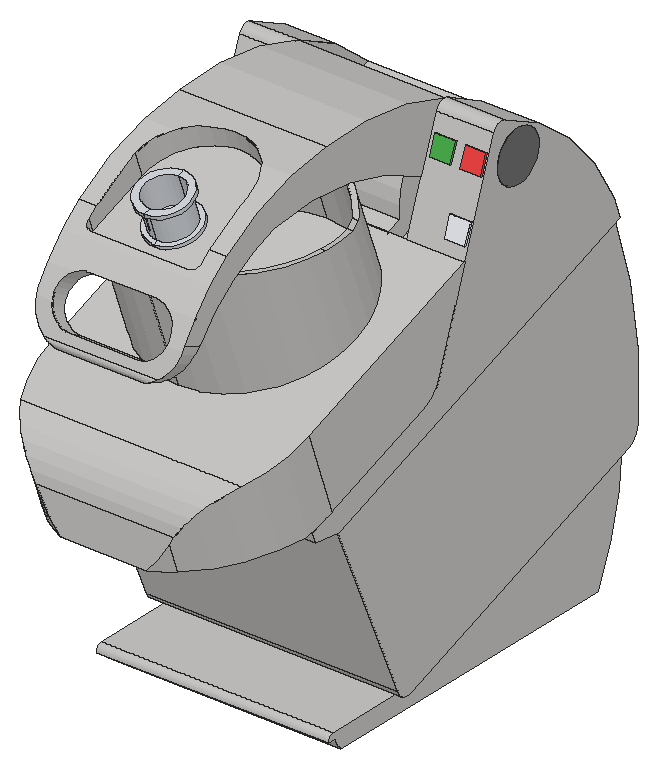
Revit family "QF_DITOSAMA_600423_DTRSY2V", category Specialty Equipment, Revit 2018
Family settings
  Round Connector Dimension = Use Diameter
  Part Type = Normal
  Work Plane-Based = No
  Always vertical = Yes
  Cut with Voids When Loaded = No
  Shared = No
  Room Calculation Point = No
Parameters (values of type "QF_DITO SAMA_600423_DTRSY2V")
  Weight = 23.00 kg
  Watts = 0 W
  Volts = 380 V
  URL Manufacturer = "http://www.ditosama.com"
  URL = "http://www.ditosama.com"
  Steam Supply Size = 0 mm
  Steam Supply Minimum Pressure = 0.0 Pa
  Steam Supply Maximum Pressure = 0.0 Pa
  Steam Pounds per Hour = 0
  Refrigeration Suction Line Size = 0 mm
  Refrigeration Liquid Line Size = 0 mm
  Refrigerant Compressor Remote = yes
  Manufacturer = "Dito Sama"
  Phase = 3
  Model = "DTRSY2V"
  Length Actual = 252 mm  # constant formula
  Item Number = "600423"
  Hot Water Size = 0 mm
  Height Actual = 515 mm  # constant formula
  HP = "1 HP"
  Gas Size = 0 mm
  Gas KW = 0
  Gas Input Pressure = 0 W
  Direct Waste Size = 0 mm
  Description = "VEGETABLE SLICER-2 SPEED-750W-380-440/3/50-60"
  Depth Actual = 500 mm  # constant formula
  Cycle = 60 Hz
  Condensate Return Size = 0 mm
  Compressed Air Volume = 0.0 L/s
  Compressed Air Size = 0 mm
  Compressed Air Pressure = 0.0 Pa
  Cold Water Size = 0 mm
  Accessory = yes
Reference planes
  plane 1 "Center (Front/Back)": y = 0
  plane 2: z = 0
  plane 3 "Center (Left/Right)": x = 0
  plane 4 "BASE": through (-1506.947, -1354.442, -482.669) normal (0, -0.342, 0.9397)
  plane 5 "TOP": z = 780
  plane 6 "FRONT": y = -250
  plane 7 "BACK": y = 250
  plane 8 "LEFT": x = -126
  plane 9 "RIGHT": x = 126
  plane 10 "BaseSup": through (4267.2, -355.454, 143.983) normal (0, -0.342, 0.9397)
  plane 11 "TopCylinder": z = 502
  plane 12 "panel": through (4267.2, 37.396, 376.789) normal (0, -0.9397, 0.342)
  plane 13 "TAN1": through (4267.2, -242.8, 386.84) normal (0, -0.868, 0.4965)
  plane 14 "cx": x = -4.392
Forms (mm)
  Extrusion 1, solid, material "QF_Finishes_Stainless Steel"
    sketch origin (0, 71.755, 29.173) x (0, 0.939693, 0.34202) y (0, -0.34202, 0.939693)
      loop
        line (194.125, 30) -> (-100, 30) -> (-172.671, 56.45)
        arc (-172.671, 56.45) -> (-177.706, 56.23) -> (-181.11, 52.515) r 6.584
        line (-181.11, 52.515) -> (-172.825, 49.499)
        arc (-172.825, 49.499) -> (-173.282, 42.917) -> (-170.601, 36.887) r 13.662
        line (-170.601, 36.887) -> (125.402, -70.849)
        arc (125.402, -70.849) -> (140.415, -55.659) -> (154.125, -39.282) r 258.806
        arc (154.125, -39.282) -> (176.416, -5.964) -> (194.125, 30) r 303.676
    from -114.1 to 114.1
  Extrusion 2, solid, material "QF_Finishes_Stainless Steel"
    sketch origin (0, 71.755, 29.173) x (0, 0.939693, 0.34202) y (0, -0.34202, 0.939693)
      loop
        arc (-117.754, 231.836) -> (-115.421, 136.806) -> (-106.378, 42.177) r 1344.145
        arc (-106.378, 42.177) -> (-102.811, 33.567) -> (-94.2, 30) r 12.177
        line (-94.2, 30) -> (191.415, 30)
        arc (191.415, 30) -> (200.799, 34.052) -> (207.001, 42.177) r 20.212
        arc (207.001, 42.177) -> (237.263, 134.79) -> (245.906, 231.836) r 430.148
        line (245.906, 231.836) -> (-117.754, 231.836)
    from -123.6 to 123.2
  Extrusion 3, solid, material "QF_Finishes_Stainless Steel"
    sketch origin (0, 71.755, 29.173) x (0, 0.939693, 0.34202) y (0, -0.34202, 0.939693)
      loop
        line (-117.754, 231.836) -> (250, 231.836) -> (250, 254)
        arc (250, 254) -> (225.127, 344.7) -> (167.861, 419.303) r 244.524
        arc (167.861, 419.303) -> (160.498, 421.774) -> (153.587, 418.23) r 10
        line (153.587, 418.23) -> (25.432, 265.5)
        arc (25.432, 265.5) -> (14.376, 257.016) -> (0.77, 254) r 32.194
        line (0.77, 254) -> (-142.678, 254) -> (-142.678, 244) -> (-117.754, 231.836)
    from -125 to 125
  Extrusion 4, void
    sketch origin (0, 71.755, 29.173) x (0, 0.939693, 0.34202) y (0, -0.34202, 0.939693)
      loop
        line (146.605, 338.403) -> (228.145, 338.403)
        arc (228.145, 338.403) -> (202.221, 381.996) -> (167.861, 419.303) r 244.524
        arc (167.861, 419.303) -> (160.498, 421.774) -> (153.587, 418.23) r 10
        line (153.587, 418.23) -> (72.34, 321.403) -> (146.605, 321.403) -> (146.605, 338.403)
    from -76.755 to 68.071
  Extrusion 5, solid, material "QF_Finishes_Stainless Steel"
    sketch origin (0, 71.755, 29.173) x (0, 0.939693, 0.34202) y (0, -0.34202, 0.939693)
      loop
        line (86.605, 338.403) -> (69.605, 321.403) -> (146.605, 321.403) -> (146.605, 338.403) -> (138.179, 338.403) -> (138.179, 369.367)
        arc (138.179, 369.367) -> (147.784, 373.474) -> (158.149, 372.174) r 19.987
        arc (158.149, 372.174) -> (156.791, 382.001) -> (162.888, 389.826) r 12.748
        arc (162.888, 389.826) -> (123.302, 374.774) -> (101.605, 338.403) r 64.447
        line (101.605, 338.403) -> (86.605, 338.403)
    from -65 to 50
  Extrusion 6, solid, material "QF_Finishes_Stainless Steel"
    sketch origin (539, 71.755, 29.173) x (0, -0.939693, -0.34202) y (0, -0.34202, 0.939693)
      loop
        circle (-169.102, 378.696) r 12.748
    from 489 to 604
  Extrusion 7, solid, material "QF_Finishes_Rubber Black"
    sketch origin (0, 71.755, 29.173) x (0, 0.939693, 0.34202) y (0, -0.34202, 0.939693)
      loop
        circle (169.102, 378.696) r 25
    from 125 to 126.6
  Extrusion 8, solid, material "QF_Finishes_Green"
    sketch origin (-10, -113.728, -38.42) x (0, -0.34202, -0.939693) y (1, 0, 0)
      loop
        line (-529.862, 82.865) -> (-509.862, 82.865) -> (-509.862, 102.865) -> (-529.862, 102.865) -> (-529.862, 82.865)
    from 0 to 1.6
  Extrusion 9, solid, material "QF_Finishes_Red"
    sketch origin (20, -113.728, -38.42) x (0, -0.34202, -0.939693) y (1, 0, 0)
      loop
        line (-529.862, 82.865) -> (-509.862, 82.865) -> (-509.862, 102.865) -> (-529.862, 102.865) -> (-529.862, 82.865)
    from 0 to 1.6
  Extrusion 10, solid, material "QF_Finishes_White"
    sketch origin (19.976, -149.421, -75.636) x (0, -0.34202, -0.939693) y (1, 0, 0)
      loop
        line (-521.192, 82.865) -> (-501.192, 82.865) -> (-501.192, 102.865) -> (-521.192, 102.865) -> (-521.192, 82.865)
    from 0 to 1.6
  Extrusion 11, solid, material "QF_Finishes_Rubber Black"
    sketch origin (-20, -306.935, 99.376) x (0, -1, 0) y (1, 0, 0)
      loop
        circle (-230.144, 103.748) r 10
      loop
        circle (-230.144, -61.252) r 10
    from 9.274 to 3.787
  Extrusion 12, void
    sketch origin (-20.94, 306.731, 139.428) x (-1, 0, 0) y (0, -0.34202, 0.939693)
      loop
        circle (-20.94, 196.093) r 10
    from -1.916 to -26.433
  Extrusion 13, solid, material "QF_Finishes_Stainless Steel"
    sketch origin (-20.94, 306.678, 139.573) x (-1, 0, 0) y (0, -0.34202, 0.939693)
      loop
        circle (-20.94, 195.939) r 9.999
    from -8.514 to -26.433
  Extrusion 14, solid, material "QF_Finishes_Stainless Steel"
    sketch origin (0, -15.119, 267.855) x (0, -0.939693, -0.34202) y (1, 0, 0)
      loop
        line (-86.605, -125) -> (117.754, -125)
        arc (117.754, -125) -> (182.577, -108.838) -> (232.224, -64.135) r 138.076
        arc (232.224, -64.135) -> (246.337, -33.516) -> (250, 0) r 104.824
        arc (250, 0) -> (246.337, 33.516) -> (232.224, 64.135) r 104.824
        arc (232.224, 64.135) -> (182.577, 108.838) -> (117.754, 125) r 138.076
        line (117.754, 125) -> (-86.605, 125) -> (-86.605, -125)
    from 0 to 84.403
  Extrusion 15, void
    sketch origin (0, 71.755, 29.173) x (0, 0.939693, 0.34202) y (0, -0.34202, 0.939693)
      loop
        line (-148.177, 254) -> (-243.49, 272.527) -> (-229.509, 307.133)
        arc (-229.509, 307.133) -> (-211.109, 329.855) -> (-183.149, 338.403) r 50
        line (-183.149, 338.403) -> (-263.395, 338.403) -> (-263.395, 254) -> (-148.177, 254)
      loop
        line (86.605, 338.403) -> (25.432, 265.5)
        arc (25.432, 265.5) -> (14.376, 257.016) -> (0.77, 254) r 32.194
        line (0.77, 254) -> (86.605, 254) -> (86.605, 338.403)
    from -156.555 to 144.79
  Extrusion 16, solid, material "QF_Finishes_Rubber Black"
    sketch origin (-20, -28.598, 99.376) x (0, -1, 0) y (1, 0, 0)
      loop
        circle (-230.144, 103.748) r 10
      loop
        circle (-230.144, -61.252) r 10
    from 9.274 to 3.787
  Extrusion 17, solid, material "QF_Finishes_Stainless Steel"
    sketch origin (0, 0, 0) x (0, 1, 0) y (0, 0, 1)
      loop
        arc (-237.987, 360.286) -> (-193.334, 422.101) -> (-125.907, 457.716) r 167.502
        arc (-125.907, 457.716) -> (-32.614, 457.202) -> (54.785, 424.565) r 266.494
        line (54.785, 424.565) -> (73.036, 474.711)
        arc (73.036, 474.711) -> (77.269, 479.853) -> (83.792, 481.198) r 10
        arc (83.792, 481.198) -> (12.917, 500.705) -> (-60.594, 500.999) r 278.64
        arc (-60.594, 500.999) -> (-125.023, 488.463) -> (-183.511, 458.675) r 236.13
        arc (-183.511, 458.675) -> (-222.818, 420.732) -> (-248.457, 372.49) r 174.407
        arc (-248.457, 372.49) -> (-249.83, 368.135) -> (-247.05, 364.513) r 4.945
        line (-247.05, 364.513) -> (-237.987, 360.286)
    from -76.755 to 68.071
  Extrusion 18, void
    sketch origin (0, -252.846, 369.279) x (0, -0.496521, -0.868025) y (1, 0, 0)
      loop
        line (-13.723, -36.755) -> (-13.723, 28.071)
        arc (-13.723, 28.071) -> (-38.723, 53.071) -> (-63.723, 28.071) r 25
        line (-63.723, 28.071) -> (-63.723, -36.755)
        arc (-63.723, -36.755) -> (-38.723, -61.755) -> (-13.723, -36.755) r 25
    from -148.493 to 7.125
  Extrusion 19, void
    sketch origin (0, -88.076, 32.057) x (0, -0.34202, -0.939693) y (1, 0, 0)
      loop
        line (-257.162, 68.071) -> (-297.162, 68.071)
        arc (-297.162, 68.071) -> (-268.878, 56.356) -> (-257.162, 28.071) r 40
        line (-257.162, 28.071) -> (-257.162, 68.071)
      loop
        line (-257.162, -76.755) -> (-257.162, -36.755)
        arc (-257.162, -36.755) -> (-268.878, -65.039) -> (-297.162, -76.755) r 40
        line (-297.162, -76.755) -> (-257.162, -76.755)
    from 233.374 to 280.473
  Extrusion 20, void
    sketch origin (0, -73.76, 246.511) x (0, -0.939693, -0.34202) y (1, 0, 0)
      loop
        spline (50.415, 43.499) -> (50.302, 44.538) -> (50.07, 45.551) -> (49.722, 46.523) -> (49.265, 47.436) -> (48.705, 48.278) -> (48.053, 49.034) -> (47.317, 49.692) -> (46.511, 50.241) -> (45.647, 50.674) -> (44.738, 50.981) -> (43.801, 51.16) -> (42.848, 51.221)
        line (42.848, 51.221) -> (-21.826, 51.221)
        arc (-21.826, 51.221) -> (-77.476, -4.429) -> (-21.826, -60.078) r 55.65
        line (-21.826, -60.078) -> (42.849, -60.064)
        spline (42.849, -60.064) -> (43.796, -60.017) -> (44.73, -59.836) -> (45.637, -59.525) -> (46.5, -59.088) -> (47.306, -58.532) -> (48.042, -57.867) -> (48.695, -57.103) -> (49.256, -56.253) -> (49.715, -55.331) -> (50.065, -54.351) -> (50.3, -53.329) -> (50.415, -52.283)
        line (50.415, -52.283) -> (50.415, 43.499)
    from 219.928 to 259.975
  Extrusion 21, void
    sketch origin (0, -87.856, 241.381) x (0, -0.939693, -0.34202) y (1, 0, 0)
      loop
        circle (-4.976, -4.429) r 22.5
    from 184.171 to 259.975
  Extrusion 22, solid, material "QF_Finishes_Stainless Steel"
    sketch origin (0, -57.13, 252.564) x (0, -0.939693, -0.34202) y (1, 0, 0)
      loop
        circle (-27.476, -4.429) r 100
      loop
        circle (-27.476, -4.429) r 95
    from 84.403 to 219.928
  Extrusion 23, void
    sketch origin (539, 0, 0) x (0, -1, 0) y (0, 0, 1)
      loop
        line (-7.229, 448.453) -> (38.883, 431.669) -> (53.883, 431.669) -> (97.232, 435.738) -> (172.232, 435.738) -> (200.5, 434.424) -> (12.562, 502.828) -> (-7.229, 448.453)
    from 424.9 to 664
  Revolve 24, solid
    sketch origin (-4.392, 0, 0) x (0, 1, 0) y (0, 0, 1)
      loop
        line (-159.523, 452.833) -> (-177.266, 446.376) -> (-188.766, 477.973) -> (-195.199, 475.631) -> (-193.959, 472.225) -> (-189.261, 473.935) -> (-179, 445.744) -> (-183.698, 444.034) -> (-182.575, 440.948) -> (-179.543, 442.052) -> (-133.191, 314.7) -> (-112.048, 322.396) -> (-159.523, 452.833)
      axis (-112.048, 322.396) -> (-171.023, 484.431)
    angle from 0 to 360
  Extrusion 25, solid, material "QF_Door-Drawer Clearances", detail levels coarse
    sketch origin (0, -259.129, 728.467) x (0, -0.462376, -0.886684) y (0, 0.886684, -0.462376)
      loop
        arc (-237.987, 360.286) -> (-193.334, 422.101) -> (-125.907, 457.716) r 167.502
        arc (-125.907, 457.716) -> (-32.614, 457.202) -> (54.785, 424.565) r 266.494
        line (54.785, 424.565) -> (59.562, 427.056)
        arc (59.562, 427.056) -> (59.025, 458.234) -> (62.46, 489.226) r 244.524
        arc (62.46, 489.226) -> (1.594, 502.023) -> (-60.594, 500.999) r 278.64
        arc (-60.594, 500.999) -> (-125.023, 488.463) -> (-183.511, 458.675) r 236.13
        arc (-183.511, 458.675) -> (-222.818, 420.732) -> (-248.457, 372.49) r 174.407
        arc (-248.457, 372.49) -> (-249.83, 368.135) -> (-247.05, 364.513) r 4.945
        line (-247.05, 364.513) -> (-237.987, 360.286)
    from -76.755 to 68.071
  Extrusion 26, solid, material "QF_Door-Drawer Clearances", detail levels coarse
    sketch origin (-4.392, 0, 0) x (0, 1, 0) y (0, 0, 1)
      loop
        arc (180.062, 780.324) -> (-149.234, 694.151) -> (-249.905, 368.994) r 350.321
        line (-249.905, 368.994) -> (-246.546, 377.767)
        arc (-246.546, 377.767) -> (-144.345, 691.9) -> (174.993, 776.44) r 345.321
        line (174.993, 776.44) -> (180.062, 780.324)
    from -60 to 60
Cuts and joins
  Extrusion 4, Extrusion 19, Extrusion 20, Extrusion 21 cuts Extrusion 3
  Extrusion 15, Extrusion 19, Extrusion 20, Extrusion 21 cuts Extrusion 14
  Extrusion 18, Extrusion 19, Extrusion 20, Extrusion 21 cuts Extrusion 17
  Extrusion 12, Extrusion 20, Extrusion 21 cuts Extrusion 2
  Extrusion 23 cuts Extrusion 22
Lines and regions (mm)
  model lines
    curve 1: line (-65, 80.335, 302.597) -> (50, 80.335, 302.597)
    curve 2: line (-65, 83.13, 303.615) -> (50, 83.13, 303.615)
Dimensions and locks
  plane 5 "TOP" to level = 780 mm
  plane 8 "LEFT" to plane 3 "Center (Left/Right)" to plane 9 "RIGHT" = 126 mm, 126 mm
  plane 7 "BACK" to plane 1 "Center (Front/Back)" to plane 6 "FRONT" = 250 mm, 250 mm
  plane 5 "TOP" to plane 2 = 780 mm
  plane 5 "TOP" to plane 11 "TopCylinder" = 278 mm
  plane 6 "FRONT" to plane 7 "BACK" = 500 mm
  plane 7 "BACK" to plane 6 "FRONT" = 500 mm
  plane 11 "TopCylinder" to level = 502 mm
  aligned and locked: level to plane 2
Connectors
  electrical at (0, 231.662, 320.783), driven by "Volts"
    settings: on Extrusion 13, index 1, voltage 380 V, apparent load 0 VA, apparent load phase1 0 VA, apparent load phase2 0 VA, apparent load phase3 0 VA, power factor 1, load classification "Other", number of poles 1, system type 30, power factor state 1, is connector primary yes, connector utility no, sub classification motor no, connector description "Electrical Connection"
